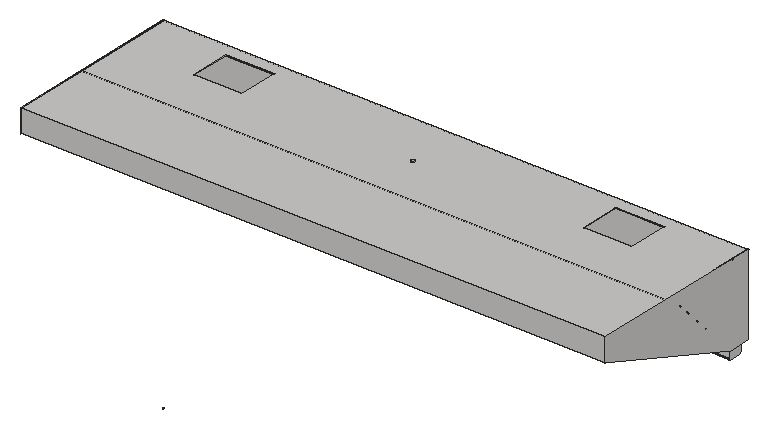
Revit family "QF_ELECTROLUXPROFESSIONAL_644197_AMPV1136BT", category Specialty Equipment, Revit 2014
Reference planes
  plane 1 "Center (Front/Back)": y = 0
  plane 2: z = 0
  plane 3 "Center (Left/Right)": x = 150
  plane 4 "LEFT": x = -1650
  plane 5 "RIGHT": x = 1950
  plane 6 "BACK": y = 550
  plane 7 "FRONT": y = -550
  plane 8 "Plane": z = 2000
  plane 9 "TOP": z = 2140
  plane 10 "Base": z = 1640
  plane 11: z = 1566
  plane 12 "DrainY": y = 485
  plane 13: x = -1647
  plane 14: through (0, 414.509, 1640.8) normal (0, 0.7314, 0.682)
  plane 15: y = 470
  plane 16: y = 220
  plane 17 "DrainX": x = 1830
  plane 18: x = -900
  plane 19: x = 1200
  plane 20: x = -1200
  plane 21: x = 1500
  plane 22: x = 1947
  plane 23: x = 1740
  plane 24: x = 1920
  plane 25: x = -1610
  plane 26: x = -1245
  plane 27: x = -850
  plane 28: x = 1910
  plane 29: x = 1545
  plane 30: x = 1150
  plane 31: x = -47.5
  plane 32: x = 347.5
Forms (mm)
  Extrusion 1, solid, material "QF_Finishes_Stainless Steel"
    sketch origin (-1650, 0, 0) x (0, 1, 0) y (0, 0, 1)
      loop
        line (550, 1640) -> (550, 2140) -> (-550, 2140) -> (-550, 1999.112) -> (413.973, 1640) -> (550, 1640)
    from 0 to 3
  Extrusion 2, solid, material "QF_Finishes_Stainless Steel"
    sketch origin (150, 0, 0) x (0, 1, 0) y (0, 0, 1)
      loop
        line (415.255, 1640) -> (550, 1640) -> (550, 2139.19) -> (549.2, 2139.19) -> (549.2, 1640.8) -> (415.876, 1640.8) -> (339.347, 1722.867) -> (349.609, 1732.436) -> (348.927, 1733.167) -> (337.934, 1722.917) -> (415.255, 1640)
      loop
        line (-82.203, 2139.19) -> (-82.203, 2118.6) -> (-31.047, 2118.6) -> (34.354, 2048.466) -> (46.028, 2059.352) -> (45.346, 2060.083) -> (34.403, 2049.879) -> (-30.612, 2119.6) -> (-81.203, 2119.6) -> (-81.203, 2139.19) -> (-82.203, 2139.19)
    from -1797 to 1797
  Extrusion 3, solid, material "QF_Finishes_Stainless Steel"
    sketch origin (1950, 0, 0) x (0, 1, 0) y (0, 0, 1)
      loop
        line (550, 1640) -> (550, 2140) -> (-550, 2140) -> (-550, 1999.112) -> (413.973, 1640) -> (550, 1640)
    from 0 to -3
  Extrusion 4, solid, material "QF_Finishes_Stainless Steel"
    sketch origin (150, 0, 0) x (0, 1, 0) y (0, 0, 1)
      loop
        line (-550, 2140) -> (-550, 2000) -> (-549.2, 2000) -> (-549.2, 2139.19) -> (550, 2139.19) -> (550, 2140) -> (-550, 2140)
    from -1800 to 1800
  Extrusion 5, solid, material "QF_Finishes_Stainless Steel"
    sketch origin (150, 0, 0) x (0, 1, 0) y (0, 0, 1)
      loop
        line (534, 1640) -> (436, 1640) -> (436, 1627) -> (443.5, 1627) -> (443.5, 1576)
        arc (443.5, 1576) -> (446.429, 1568.929) -> (453.5, 1566) r 10
        line (453.5, 1566) -> (516.5, 1566)
        arc (516.5, 1566) -> (523.571, 1568.929) -> (526.5, 1576) r 10
        line (526.5, 1576) -> (526.5, 1627) -> (534, 1627) -> (534, 1640)
    from 1590 to 1770
  Extrusion 6, solid, material "QF_Finishes_Stainless Steel"
    sketch origin (0, 0, 1640) x (0, 1, 0) y (-1, 0, 0)
      loop
        circle (485, -1830) r 20
    from -76 to -74
  Extrusion 7, solid, material "QF_Finished_Chrome"
    sketch origin (150, 0, 0) x (0, 1, 0) y (0, 0, 1)
      loop
        line (337.934, 1722.917) -> (341.591, 1726.327) -> (38.011, 2051.876) -> (34.354, 2048.466) -> (337.934, 1722.917)
    from -1395 to -1760
  Extrusion 8, solid, material "QF_Finished_Chrome"
    sketch origin (150, 0, 0) x (0, 1, 0) y (0, 0, 1)
      loop
        line (337.934, 1722.917) -> (341.591, 1726.327) -> (38.011, 2051.876) -> (34.354, 2048.466) -> (337.934, 1722.917)
    from -197.5 to -1000
  Extrusion 9, solid, material "QF_Finishes_Stainless Steel"
    sketch origin (150, 0, 0) x (0, 1, 0) y (0, 0, 1)
      loop
        line (337.934, 1722.917) -> (341.591, 1726.327) -> (38.011, 2051.876) -> (34.354, 2048.466) -> (337.934, 1722.917)
    from 1797 to 1760
  Extrusion 10, solid, material "QF_Finishes_Stainless Steel"
    sketch origin (150, 0, 0) x (0, 1, 0) y (0, 0, 1)
      loop
        line (341.588, 1726.324) -> (38.009, 2051.874) -> (34.354, 2048.466) -> (337.934, 1722.917) -> (341.588, 1726.324)
    from -1395 to -1000
  Extrusion 11, solid, material "QF_Finished_Chrome"
    sketch origin (150, 0, 0) x (0, 1, 0) y (0, 0, 1)
      loop
        line (341.588, 1726.324) -> (38.009, 2051.874) -> (34.354, 2048.466) -> (337.934, 1722.917) -> (341.588, 1726.324)
    from 1395 to 1760
  Extrusion 12, void
    sketch origin (0, 0, 2140) x (0, 1, 0) y (-1, 0, 0)
      loop
        line (470, 1200) -> (220, 1200) -> (220, 900) -> (470, 900) -> (470, 1200)
    from 0 to -10
  Extrusion 13, void
    sketch origin (940, 0, 2140) x (0, 1, 0) y (-1, 0, 0)
      loop
        line (470, -260) -> (220, -260) -> (220, -560) -> (470, -560) -> (470, -260)
    from 0 to -10
  Extrusion 14, solid, material "QF_Finishes_Stainless Steel"
    sketch origin (0, 0, 0) x (1, 0, 0) y (0, 1, 0)
      loop
        line (-1650, 550) -> (-1650, 549) -> (-1649, 549) -> (-1649, 550) -> (-1650, 550)
    from 0 to 1
  Extrusion 15, solid, material "QF_Finishes_Stainless Steel"
    sketch origin (150, 0, 0) x (0, 1, 0) y (0, 0, 1)
      loop
        line (337.934, 1722.917) -> (341.591, 1726.327) -> (38.011, 2051.876) -> (34.354, 2048.466) -> (337.934, 1722.917)
    from -1760 to -1797
  Extrusion 16, solid, material "QF_Finishes_Stainless Steel"
    sketch origin (150, 0, 0) x (0, 1, 0) y (0, 0, -1)
      loop
        line (341.588, -1726.324) -> (337.934, -1722.917) -> (34.354, -2048.466) -> (38.009, -2051.874) -> (341.588, -1726.324)
    from -1395 to -1000
  Extrusion 17, solid, material "QF_Finished_Chrome"
    sketch origin (150, 0, 0) x (0, 1, 0) y (0, 0, 1)
      loop
        line (337.934, 1722.917) -> (341.591, 1726.327) -> (38.011, 2051.876) -> (34.354, 2048.466) -> (337.934, 1722.917)
    from 1000 to 197.5
  Extrusion 18, solid, material "QF_Finishes_Stainless Steel"
    sketch origin (150, 0, 0) x (0, 1, 0) y (0, 0, -1)
      loop
        line (341.588, -1726.324) -> (337.934, -1722.917) -> (34.354, -2048.466) -> (38.009, -2051.874) -> (341.588, -1726.324)
    from -197.5 to 197.5
  Extrusion 19, solid, material "QF_Finishes_Stainless Steel"
    sketch origin (0, 0, 2140) x (0, 1, 0) y (-1, 0, 0)
      loop
        circle (220, -150) r 10
    from 0 to 1.6
Cuts and joins
  Extrusion 12, Extrusion 13 cuts Extrusion 4
  joined: Extrusion 2, Extrusion 4
Lines and regions (mm)
  reference lines
    curve 1: line (150, 34.354, 2048.466) -> (150, 34.354, 1888.466)
  symbolic lines, style "SpecialityEquipment", detail levels coarse
    curve 2: line (1950, 550, 2140) -> (-1650, 550, 2140)
    curve 3: line (-1650, 550, 2140) -> (-1650, -550, 2140)
    curve 4: line (1950, -550, 2140) -> (1950, 550, 2140)
    curve 5: line (-1650, -550, 2140) -> (1950, -550, 2140)
    curve 6: line (-1200, 220, 2140) -> (-900, 220, 2140)
    curve 7: line (-1200, 470, 2140) -> (-1200, 220, 2140)
    curve 8: line (-900, 470, 2140) -> (-1200, 470, 2140)
    curve 9: line (-900, 220, 2140) -> (-900, 470, 2140)
    curve 10: line (1200, 470, 2140) -> (1200, 220, 2140)
    curve 11: line (1200, 220, 2140) -> (1500, 220, 2140)
    curve 12: line (1500, 470, 2140) -> (1200, 470, 2140)
    curve 13: line (1500, 220, 2140) -> (1500, 470, 2140)
    curve 14: line (-1650, -550, 0) -> (1950, 550, 0)
    curve 15: line (1950, -550, 0) -> (-1650, 550, 0)
Dimensions and locks
  plane 4 "LEFT" to plane 5 "RIGHT" = 3600 mm
  equal spacing: plane 4 "LEFT", plane 3 "Center (Left/Right)", plane 5 "RIGHT"
  locked: plane 8 "Plane" to level at 2000
  plane 9 "TOP" to plane 8 "Plane" = 140 mm
  locked: plane 9 "TOP" to plane 10 "Base" at 500
  plane 10 "Base" to plane 11 = 74 mm
  plane 6 "BACK" to plane 12 "DrainY" = 65 mm  (x2)
  plane 4 "LEFT" to plane 13 = 3 mm
  plane 6 "BACK" to plane 15 = 80 mm
  plane 15 to plane 16 = 250 mm  (x2)
  plane 17 "DrainX" to plane 5 "RIGHT" = 120 mm
  locked: plane 18 to plane 19 at 2100
  equal spacing: plane 18, plane 3 "Center (Left/Right)", plane 19
  plane 20 to plane 18 = 300 mm
  plane 19 to plane 21 = 300 mm
  plane 22 to plane 5 "RIGHT" = 3 mm
  locked: plane 23 to plane 17 "DrainX" at 90
  locked: plane 17 "DrainX" to plane 24 at 90
  plane 6 "BACK" to plane 7 "FRONT" = 1100 mm  (x2)
  equal spacing: plane 6 "BACK", plane 1 "Center (Front/Back)", plane 7 "FRONT"
  plane 16 to plane 7 "FRONT" = 770 mm
  plane 15 to plane 6 "BACK" = 80 mm
  locked: plane 4 "LEFT" to plane 25 at 40
  locked: plane 25 to plane 26 at 365
  locked: plane 26 to plane 27 at 395
  locked: plane 28 to plane 29 at 365
  locked: plane 29 to plane 30 at 395
  locked: plane 28 to plane 5 "RIGHT" at 40
  locked: plane 31 to plane 32 at 395
  equal spacing: plane 31, plane 3 "Center (Left/Right)", plane 32
  plane 27 to plane 31 = 802.5 mm
  plane 32 to plane 30 = 802.5 mm
  aligned and locked: level to plane 2
  aligned and locked: Extrusion 2 to Extrusion 1
  aligned and locked: Extrusion 2 to Extrusion 3
  aligned and locked: plane 5 "RIGHT" to Extrusion 4
  aligned and locked: Extrusion 4 to plane 4 "LEFT"
  aligned and locked: plane 22 to Extrusion 9
  aligned and locked: plane 20 to Extrusion 12
  aligned and locked: Extrusion 12 to plane 18
  aligned and locked: Extrusion 12 to plane 16
  aligned and locked: Extrusion 12 to plane 15
  aligned and locked: Extrusion 13 to plane 21
  aligned and locked: plane 19 to Extrusion 13
  aligned and locked: Extrusion 2 to Extrusion 4
  aligned and locked: plane 24 to Extrusion 5
  aligned and locked: Extrusion 5 to plane 23
  aligned and locked: Extrusion 9 to plane 28
  aligned and locked: Extrusion 11 to plane 28
  aligned and locked: Extrusion 11 to plane 29
  aligned and locked: Extrusion 8 to plane 27
  aligned and locked: plane 27 to Extrusion 10
  aligned and locked: Extrusion 10 to plane 26
  aligned and locked: plane 26 to Extrusion 7
  aligned and locked: Extrusion 7 to plane 25
  aligned and locked: Extrusion 15 to plane 13
  aligned and locked: plane 25 to Extrusion 15
  aligned and locked: Extrusion 16 to plane 30
  aligned and locked: Extrusion 16 to plane 29
  aligned and locked: Extrusion 3 to plane 22
  aligned and locked: plane 31 to Extrusion 8
  aligned and locked: Extrusion 17 to plane 30
  aligned and locked: Extrusion 17 to plane 32
  aligned and locked: plane 32 to Extrusion 18
  aligned and locked: Extrusion 18 to plane 31
Automatic sketch dimensions
  curve 5 to plane 4 "LEFT" = 0 mm
  curve 5 to plane 7 "FRONT" = 0 mm
  curve 9 to plane 16 = 0 mm
  curve 10 to plane 16 = 0 mm
  plane 15 to curve 8 = 0 mm
  plane 15 to curve 12 = 0 mm
  curve 3 to plane 6 "BACK" = 0 mm
  curve 5 to plane 5 "RIGHT" = 0 mm
  curve 11 to plane 21 = 0 mm
  curve 10 to plane 19 = 0 mm
  curve 6 to plane 18 = 0 mm
  curve 6 to plane 20 = 0 mm
  Extrusion 1 sketch curve to plane 7 "FRONT" = 0 mm
  Extrusion 1 sketch curve to plane 10 "Base" = 0 mm
  Extrusion 1 sketch curve to plane 6 "BACK" = 0 mm
  Extrusion 1 sketch curve to plane 9 "TOP" = 0 mm
  plane 15 to Extrusion 1 sketch curve = 56.027 mm
  Extrusion 1 sketch curve to plane 8 "Plane" = 0.888 mm
  Extrusion 2 sketch curve to plane 14 = 0 mm  (x3)
  Extrusion 2 sketch curve to plane 10 "Base" = 0 mm
  plane 14 to Extrusion 2 sketch curve = 0 mm
  Extrusion 2 sketch curve to plane 6 "BACK" = 0 mm
  Extrusion 2 sketch curve to Extrusion 2 sketch curve = 65.646 mm
  Extrusion 2 sketch curve to Extrusion 2 sketch curve = 0.682 mm  (x2)
  Extrusion 2 sketch curve to Extrusion 2 sketch curve = 10.261 mm
  plane 10 "Base" to Extrusion 2 sketch curve = 82.917 mm
  Extrusion 2 sketch curve to plane 1 "Center (Front/Back)" = 46.028 mm
  Extrusion 2 sketch curve to Extrusion 2 sketch curve = 10.942 mm
  Extrusion 2 sketch curve to Extrusion 2 sketch curve = 0.049 mm
  Extrusion 2 sketch curve to plane 9 "TOP" = 20.4 mm
  Extrusion 2 sketch curve to plane 9 "TOP" = 21.4 mm
  Extrusion 2 sketch curve to plane 9 "TOP" = 0.81 mm  (x2)
  Extrusion 2 sketch curve to Extrusion 2 sketch curve = 50.156 mm
  Extrusion 2 sketch curve to Extrusion 2 sketch curve = 1 mm
  plane 10 "Base" to Extrusion 2 sketch curve = 0.8 mm
  Extrusion 2 sketch curve to plane 6 "BACK" = 0.8 mm
  Extrusion 3 sketch curve to plane 7 "FRONT" = 0 mm
  Extrusion 3 sketch curve to plane 10 "Base" = 0 mm
  Extrusion 3 sketch curve to plane 6 "BACK" = 0 mm
  Extrusion 3 sketch curve to plane 9 "TOP" = 0 mm
  plane 15 to Extrusion 3 sketch curve = 56.027 mm
  Extrusion 3 sketch curve to plane 8 "Plane" = 0.888 mm
  Extrusion 4 sketch curve to plane 7 "FRONT" = 0 mm
  Extrusion 4 sketch curve to plane 8 "Plane" = 0 mm
  Extrusion 4 sketch curve to plane 6 "BACK" = 0 mm
  Extrusion 4 sketch curve to plane 9 "TOP" = 0 mm
  plane 7 "FRONT" to Extrusion 4 sketch curve = 0.8 mm
  Extrusion 4 sketch curve to plane 9 "TOP" = 0.81 mm
  curve 1 to plane 14 = 0 mm
  curve 1 to plane 1 "Center (Front/Back)" = 34.354 mm
  curve 1 to plane 8 "Plane" = 111.534 mm
  Extrusion 5 sketch curve to plane 10 "Base" = 0 mm
  Extrusion 5 sketch curve to plane 11 = 0 mm
  Extrusion 5 sketch curve to plane 10 "Base" = 13 mm  (x2)
  plane 15 to Extrusion 5 sketch curve = 34 mm
  Extrusion 5 sketch curve to Extrusion 5 sketch curve = 7.5 mm  (x2)
  Extrusion 5 sketch curve to Extrusion 5 sketch curve = 10 mm
  plane 12 "DrainY" to Extrusion 5 sketch curve = 31.5 mm
  Extrusion 5 sketch curve to plane 6 "BACK" = 23.5 mm
  Extrusion 6 sketch curve to plane 12 "DrainY" = 0 mm
  Extrusion 6 sketch curve to plane 17 "DrainX" = 0 mm
  Extrusion 7 sketch curve to plane 14 = 0 mm  (x2)
  Extrusion 7 sketch curve to plane 1 "Center (Front/Back)" = 34.354 mm
  Extrusion 7 sketch curve to Extrusion 7 sketch curve = 3.657 mm
  plane 10 "Base" to Extrusion 7 sketch curve = 82.917 mm
  Extrusion 8 sketch curve to plane 14 = 0 mm  (x2)
  Extrusion 8 sketch curve to plane 1 "Center (Front/Back)" = 34.354 mm
  Extrusion 8 sketch curve to Extrusion 8 sketch curve = 3.657 mm
  plane 10 "Base" to Extrusion 8 sketch curve = 82.917 mm
  Extrusion 9 sketch curve to plane 14 = 0 mm  (x2)
  Extrusion 9 sketch curve to plane 1 "Center (Front/Back)" = 34.354 mm
  Extrusion 9 sketch curve to Extrusion 9 sketch curve = 3.657 mm
  plane 10 "Base" to Extrusion 9 sketch curve = 82.917 mm
  Extrusion 10 sketch curve to plane 14 = 0 mm  (x2)
  Extrusion 10 sketch curve to plane 1 "Center (Front/Back)" = 34.354 mm
  Extrusion 10 sketch curve to Extrusion 10 sketch curve = 3.655 mm
  plane 10 "Base" to Extrusion 10 sketch curve = 82.917 mm
  Extrusion 11 sketch curve to plane 14 = 0 mm  (x2)
  Extrusion 11 sketch curve to plane 1 "Center (Front/Back)" = 34.354 mm
  Extrusion 11 sketch curve to Extrusion 11 sketch curve = 3.655 mm
  plane 10 "Base" to Extrusion 11 sketch curve = 82.917 mm
  Extrusion 12 sketch curve to plane 16 = 0 mm
  plane 15 to Extrusion 12 sketch curve = 0 mm
  Extrusion 12 sketch curve to plane 18 = 0 mm
  Extrusion 12 sketch curve to plane 20 = 0 mm
  Extrusion 13 sketch curve to plane 16 = 0 mm
  plane 15 to Extrusion 13 sketch curve = 0 mm
  Extrusion 13 sketch curve to plane 21 = 0 mm
  Extrusion 13 sketch curve to plane 19 = 0 mm
  Extrusion 14 sketch curve to plane 4 "LEFT" = 0 mm
  Extrusion 14 sketch curve to plane 6 "BACK" = 0 mm
  plane 4 "LEFT" to Extrusion 14 sketch curve = 1 mm
  Extrusion 14 sketch curve to Extrusion 14 sketch curve = 1 mm
  Extrusion 15 sketch curve to plane 14 = 0 mm  (x2)
  Extrusion 15 sketch curve to plane 1 "Center (Front/Back)" = 34.354 mm
  Extrusion 15 sketch curve to Extrusion 15 sketch curve = 3.657 mm
  plane 10 "Base" to Extrusion 15 sketch curve = 82.917 mm
  Extrusion 16 sketch curve to plane 14 = 0 mm  (x2)
  Extrusion 16 sketch curve to plane 1 "Center (Front/Back)" = 34.354 mm
  Extrusion 16 sketch curve to Extrusion 16 sketch curve = 3.655 mm
  plane 10 "Base" to Extrusion 16 sketch curve = 82.917 mm
  Extrusion 17 sketch curve to plane 14 = 0 mm  (x2)
  Extrusion 17 sketch curve to plane 1 "Center (Front/Back)" = 34.354 mm
  Extrusion 17 sketch curve to Extrusion 17 sketch curve = 3.657 mm
  plane 10 "Base" to Extrusion 17 sketch curve = 82.917 mm
  Extrusion 18 sketch curve to plane 14 = 0 mm  (x2)
  Extrusion 18 sketch curve to plane 1 "Center (Front/Back)" = 34.354 mm
  Extrusion 18 sketch curve to Extrusion 18 sketch curve = 3.655 mm
  plane 10 "Base" to Extrusion 18 sketch curve = 82.917 mm
  curve 15 to plane 4 "LEFT" = 0 mm
  curve 14 to plane 4 "LEFT" = 0 mm
  curve 15 to plane 5 "RIGHT" = 0 mm
  curve 14 to plane 5 "RIGHT" = 0 mm
  curve 15 to plane 7 "FRONT" = 0 mm
  curve 14 to plane 7 "FRONT" = 0 mm
  curve 15 to plane 6 "BACK" = 0 mm
  curve 14 to plane 6 "BACK" = 0 mm
  Extrusion 19 sketch curve to plane 3 "Center (Left/Right)" = 0 mm
  Extrusion 19 sketch curve to plane 16 = 0 mm
  radius of Extrusion 6 sketch curve = 20 mm
  radius of Extrusion 19 sketch curve = 10 mm
Connectors
  piping at (1830, 485, 1564), diameter 20
    settings: on Extrusion 6, index 1, connector inside diameter 609.6 mm, connector length 0 mm, flow factor 0, pipe flow 0.0 L/s, pressure drop 0.0 Pa, fitting loss kfactor 0, connector angle 0.00°, fixture units 0, engagement length 0 mm, angle of deflection 0.00°, flow configuration 1, flow direction 2, fitting loss method 0, system type 16, joint type 0, gender type 0, connector reference index -1, connector utility 0, adjustable connector no, is connector primary yes, connector description "Drain"
  hvac at (-1050, 345, 2140)
    settings: on Extrusion 12, index 2, duct flow 0.0 L/s, flow factor 0, pres drop 0.0 Pa, loss coef 0, conn angle 0.00°, conn width 250 mm, conn height 300 mm, conn diameter 609.6 mm, duct sys type 3, conn prof type 1, flow config 1, flow direction 2, loss method 0, conn ref index -1, conn util no, is conn primary yes, conn desc "EXHAUST OUTLET"
  hvac at (1350, 345, 2140)
    settings: on Extrusion 13, index 3, duct flow 0.0 L/s, flow factor 0, pres drop 0.0 Pa, loss coef 0, conn angle 0.00°, conn width 250 mm, conn height 300 mm, conn diameter 609.6 mm, duct sys type 3, conn prof type 1, flow config 1, flow direction 2, loss method 0, conn ref index -1, conn util no, is conn primary no, conn desc "EXHAUST OUTLET"
  electrical at (150, 220, 2140)
    settings: on Extrusion 19, index 4, voltage 0 V, apparent load 0 VA, apparent load phase1 0 VA, apparent load phase2 0 VA, apparent load phase3 0 VA, power factor 1, load classification "Other", number of poles 1, system type 30, power factor state 1, is connector primary yes, connector utility no, sub classification motor no, connector description "Electrical Connection"
